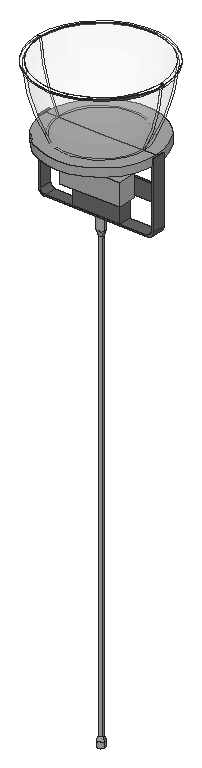
Revit family "UTB", category Lighting Fixtures, host Face, Revit 2012
Parameters (values of type "UTB-4K-SB16-MO-P95")
  Wattage Comments = "255 W/ 167 W"  # constant formula
  Wattage = 255 W
  Watt = 255 W
  built-in parameter 1150110 = 1 (stored number, unit not read)
  Voltage [instance] = 120 V
  URL = "http://www.hubbellindustrial.com/"
  built-in parameter 1114217 = 1 (stored number, unit not read)
  Tilt Angle = -90.00°
  built-in parameter 1150109 = 1 (stored number, unit not read)
  built-in parameter 1150134 = 12
  built-in parameter 1150113 = 1 (stored number, unit not read)
  Reflector Finish = Glass - Hubbell - White
  Product Page URL = "http://www.hubbellindustrial.com/products/utb"
  Product Material = Paint - Hubbell - Aluminium Grey
  Product Documentation Link = "http://www.hubbellindustrial.com/content/products/specs/specs_files/hil_0168_utb_s_16.pdf"
  Photometric Web Link = "http://www.hubbellindustrial.com/products/utb/"
  Photometric Web File = "UTB-4K-SB16-MO-P95.IES"
  Photometric Notes = "Download Photometric web link"  # constant formula
  Pendant Length [instance] = 60.000"
  Model = "UTB"  # constant formula
  Manufacturer Phone = "864-678-1000"  # constant formula
  Manufacturer Fax = "866-898-0131"  # constant formula
  Manufacturer = "Hubbell Industrial Lighting"  # constant formula
  built-in parameter 1150105 = 3014.3 (stored number, unit not read)
  Lumens = 37878.2 lm
  built-in parameter 1150115 = 1 (stored number, unit not read)
  Load Classification = Lighting
  built-in parameter 1150137 = (empty or 0)
  built-in parameter 1150139 = (empty or 0)
  built-in parameter 1150112 = 1 (stored number, unit not read)
  built-in parameter 1150114 = 1 (stored number, unit not read)
  Lamp = "LED"
  built-in parameter 1150132 = (empty or 0)
  built-in parameter 1150102 = (empty or 0)
  built-in parameter 1150107 = 4000 (stored number, unit not read)
  built-in parameter 1150138 = (empty or 0)
  built-in parameter 1150106 = 30.143 (stored number, unit not read)
  built-in parameter 1150129 = 12.000"  # constant formula
  Emit Shape Visible in Rendering = no
  built-in parameter 1150104 = 13.8 (stored number, unit not read)
  Dimming Lamp Color Temperature Shift = <None>
  Description = "Utilibay™ LED Highbay"  # constant formula
  Default Elevation = 48.000"
  Connector Description = "Lighting Connector"  # constant formula
  Color Filter = 16777215
  Bracket material = Paint - Hubbell -  Black
  Emit from Circle Diameter = 12.000"
  built-in parameter 1150133 = 10 (stored number, unit not read)
  Apparent Load = 25 VA
Types (9): name | Photometric Web File
  (no name) | "UTB-4K-SB16-MO-P95.IES"
  UTB-4K-SB16-HO-CDL | "UTB-4K-SB16-HO-CDL.IES"
  UTB-4K-SB16-HO-DLR | "UTB-4K-SB16-HO-DLR.IES"
  UTB-4K-SB16-HO-N | "UTB-4K-SB16-HO-N.IES"
  UTB-4K-SB16-HO-P95 | "UTB-4K-SB16-MO-CDL.IES"
  UTB-4K-SB16-MO-CDL | "UTB-4K-SB16-MO-CDL.IES"
  UTB-4K-SB16-MO-DLR | "UTB-4K-SB16-MO-DLR.IES"
  UTB-4K-SB16-MO-N | "UTB-4K-SB16-MO-N.IES"
  UTB-4K-SB16-MO-P95 | "UTB-4K-SB16-MO-P95.IES"
Reference planes (in)
  plane 1 "Center (Front/Back)": y = 0
  plane 2: z = 0
  plane 3 "Center (Left/Right)": x = 0
  plane 4: z = 60
  plane 5: z = 58.25
  plane 6: z = 72
Forms (in)
  Revolve 1, solid, material "Paint - Hubbell - Aluminium Grey" <- "Product Material"
    sketch origin (0, 0, 0) x (1, 0, 0) y (0, 0, 1)
      loop
        line (0, 0) -> (0.45003, 0) -> (0.45003, 0.70043) -> (0.25, 1.25) -> (0.25, 57.56699) -> (0.5, 58.25) -> (0.5, 60) -> (0, 60) -> (0, 0)
      axis (0, 0) -> (0, 60)
    angle from 0 to 360
Dimensions and locks (in)
  "Pendant Length": plane 4 to host face
  plane 4 to plane 5 = 1.750"
  locked: Revolve 1 sketch curve to Revolve 1 sketch curve at 0.25
  locked: plane 6 to plane 4 at 12
  aligned and locked: host face to plane 2
  aligned and locked: level to host face
  aligned and locked: Revolve 1 sketch curve to plane 3 "Center (Left/Right)"
  aligned and locked: Revolve 1 sketch curve to host face
  aligned and locked: plane 3 "Center (Left/Right)" to Revolve 1 sketch curve
  aligned and locked: plane 4 to Revolve 1
  aligned and locked: plane 3 "Center (Left/Right)" to nested 1
  aligned and locked: plane 1 "Center (Front/Back)" to nested 1
  aligned and locked: plane 6 to imposter light
  aligned and locked: plane 3 "Center (Left/Right)" to imposter light
  aligned and locked: imposter light to plane 1 "Center (Front/Back)"
Automatic sketch dimensions
  host sketch curve to host sketch curve = 96.000"  (x2)
  Revolve 1 sketch curve to plane 4 = 0.000"
  Revolve 1 sketch curve to plane 5 = 0.000"
  plane 3 "Center (Left/Right)" to Revolve 1 sketch curve = 0.45003"
  plane 3 "Center (Left/Right)" to Revolve 1 sketch curve = 0.500"
  Revolve 1 sketch curve to level = 4.500"
  Revolve 1 sketch curve to Revolve 1 sketch curve = 14.000"
  Revolve 1 sketch curve to Revolve 1 sketch curve = 0.70043"
  Revolve 1 sketch curve to Revolve 1 sketch curve = 0.54957"
  Revolve 1 sketch curve to plane 5 = 0.68301"
Nested families (in)
  nested 1: "UTB Retrofit" at (0, 0, 60), type "UTB"
    with Width 4.500", Length 17.000", Height 3.000"
Connectors (in)
  electrical at (0, 0, 60), driven by "Voltage", driven by "Apparent Load", driven by "Load Classification"
    settings: on Revolve 1, index 1, voltage 120 V, apparent load 25 VA, apparent load phase1 0 VA, apparent load phase2 0 VA, apparent load phase3 0 VA, power factor 1, load classification "Lighting", number of poles 1, system type 30, power factor state 1, is connector primary yes, connector utility no, sub classification motor no, connector description "Lighting Connector"
Definition of nested family "UTB Retrofit"
  Parameters (values of type "UTB")
    Width [instance] = 4.500"
    Wattage Comments = ""
    Voltage = 0 V
    URL = ""
    Reflector Finish = Glass - Hubbell - White
    Product Page URL = ""
    Product Material = none
    Product Documentation Link = ""
    Bracket Material = none
    Model = ""
    Manufacturer Phone = ""
    Manufacturer Fax = ""
    Manufacturer = ""
    Load Classification = Lighting
    Length [instance] = 17.000"
    Lamp = ""
    Height [instance] = 3.000"
    Description = ""
    Default Elevation = 48.000"
    Connector Description = ""
    Apparent Load = 25 VA
  Reference planes (in)
    plane 1 "Center (Front/Back)": y = 0
    plane 2: z = 0
    plane 3 "Center (Left/Right)": x = 0
    plane 4: x = -8.5
    plane 5: x = 8.5
    plane 6: x = -8.25
    plane 7: x = 8.25
    plane 8: y = -2.25
    plane 9: y = 2.25
    plane 10: z = 0
    plane 11: z = 9
    plane 12: x = 8
    plane 13: x = -8
    plane 14: y = -2.1
    plane 15: y = 2.1
    plane 16: z = 18
    plane 17: z = 6
    plane 18: x = -7.5
    plane 19: x = 7.5
    plane 20: z = 17.25
  Forms (in)
    Extrusion 1, solid
      sketch origin (0, 0, 0) x (1, 0, 0) y (0, 1, 0)
        loop
          line (-48, 48) -> (-48, -48) -> (48, -48) -> (48, 48) -> (-48, 48)
      from 0 to -2.25
    Revolve 2, solid, material <- "Product Material"
      sketch origin (0, 0, 0) x (1, 0, 0) y (0, 0, 1)
        loop
          line (-2.5, 6) -> (0, 6) -> (0, 9) -> (-7, 9) -> (-7, 8) -> (-2.5, 8) -> (-2.5, 6)
        axis (0, 6) -> (0, 9)
      angle from 0 to 360
    Revolve 3, solid, material "Glass - Hubbell - White" <- "Reflector Finish"
      sketch origin (0, 0, 0) x (1, 0, 0) y (0, 0, 1)
        loop
          line (-8, 17.25) -> (-8, 17) -> (-7.75, 17)
          arc (-7.75, 17) -> (-7.02515, 12.87896) -> (-5.45604, 9) r 19.93496
          line (-5.45604, 9) -> (-5.17225, 9)
          arc (-5.17225, 9) -> (-6.79852, 12.99585) -> (-7.51529, 17.25) r 19.68496
          line (-7.51529, 17.25) -> (-8, 17.25)
        axis (0, 17.25) -> (0, 9)
      angle from 0 to 360
    Extrusion 4, solid, material <- "Bracket Material"
      sketch origin (0, 0, 0) x (1, 0, 0) y (0, 0, 1)
        loop
          line (-7, 0.8134) -> (-7, 9) -> (-7.25, 9) -> (-7.25, 0.75)
          arc (-7.25, 0.75) -> (-7.03033, 0.21967) -> (-6.5, 0) r 0.75
          line (-6.5, 0) -> (6.5, 0)
          arc (6.5, 0) -> (7.03033, 0.21967) -> (7.25, 0.75) r 0.75
          line (7.25, 0.75) -> (7.25, 9) -> (7, 9) -> (7, 0.813)
          arc (7, 0.813) -> (6.82046, 0.37954) -> (6.387, 0.2) r 0.613
          line (6.387, 0.2) -> (-6.3866, 0.2)
          arc (-6.3866, 0.2) -> (-6.82034, 0.37966) -> (-7, 0.8134) r 0.6134
      from -0.75 to 0.75
    Extrusion 5, solid, material <- "Bracket Material"
      sketch origin (0, 0.75, 0) x (-1, 0, 0) y (0, 0, 1)
        loop
          line (-7, 5.21487) -> (-7, 3.21487) -> (7, 3.21487) -> (7, 5.21487) -> (-7, 5.21487)
      from 0 to -0.25
    Extrusion 6, solid, material <- "Bracket Material"
      sketch origin (0, 0, 0) x (1, 0, 0) y (0, 0, 1)
        loop
          line (-3, 2.2) -> (-3, 0.2) -> (3, 0.2) -> (3, 2.2) -> (-3, 2.2)
      from -0.75 to 0.75
    Extrusion 7, solid, material <- "Product Material"
      sketch origin (0, 0.5, 0) x (1, 0, 0) y (0, 0, 1)
        loop
          line (-3.75, 5.55872) -> (-3.75, 2.80872) -> (3.75, 2.80872) -> (3.75, 5.55872) -> (-3.75, 5.55872)
      from 0 to 2.25
  Cuts and joins
    joined: Extrusion 4, Extrusion 5
  Dimensions and locks (in)
    equal spacing: plane 4, plane 3 "Center (Left/Right)", plane 5
    "Length": plane 4 to plane 5
    locked: plane 4 to plane 6 at 0.25
    locked: plane 7 to plane 5 at 0.25
    equal spacing: plane 8, plane 1 "Center (Front/Back)", plane 9
    "Width": plane 9 to plane 8
    plane 11 to plane 10 = 9.000"
    plane 10 to plane 2 = 0.000"
    locked: plane 4 to plane 13 at 0.5
    locked: plane 12 to plane 5 at 0.5
    plane 14 to plane 8 = 0.150"
    locked: plane 9 to plane 15 at 0.15
    plane 12 to plane 13 = 16.000"
    aligned and locked: plane 2 to Extrusion 1
    aligned and locked: level to Extrusion 1
    aligned and locked: plane 11 to Revolve 2 sketch curve
    aligned and locked: plane 3 "Center (Left/Right)" to Revolve 2 sketch curve
    aligned and locked: Revolve 2 sketch curve to plane 3 "Center (Left/Right)"
    aligned and locked: Revolve 2 sketch curve to plane 17
    aligned and locked: Revolve 3 sketch curve to plane 3 "Center (Left/Right)"
    aligned and locked: Extrusion 4 sketch curve to Revolve 2
    aligned and locked: plane 10 to Extrusion 4 sketch curve
    aligned and locked: plane 11 to Extrusion 4 sketch curve  (x2)
    aligned and locked: Extrusion 5 sketch curve to Extrusion 4  (x2)
  Automatic sketch dimensions
    Extrusion 1 sketch curve to Extrusion 1 sketch curve = 96.000"  (x2)
    Revolve 2 sketch curve to plane 18 = 0.500"
    plane 17 to Revolve 2 sketch curve = 2.000"
    Revolve 2 sketch curve to plane 3 "Center (Left/Right)" = 2.500"
    Revolve 2 sketch curve to level = 3.000"
    Revolve 2 sketch curve to Revolve 2 sketch curve = 21.000"
    Revolve 3 sketch curve to Revolve 3 sketch curve = 0.000"  (x2)
    Revolve 3 sketch curve to plane 13 = 0.000"
    Revolve 3 sketch curve to plane 20 = 0.000"
    Revolve 3 sketch curve to plane 11 = 0.000"
    Revolve 3 sketch curve to level = 0.000"
    plane 13 to Revolve 3 sketch curve = 0.250"
    plane 18 to Revolve 3 sketch curve = 0.01529"
    Revolve 3 sketch curve to plane 3 "Center (Left/Right)" = 5.45604"
    Revolve 3 sketch curve to Revolve 3 sketch curve = 0.28378"
    plane 16 to Revolve 3 sketch curve = 0.37378"
    Revolve 3 sketch curve to level = 12.250"
    Extrusion 4 sketch curve to Extrusion 4 sketch curve = 0.250"  (x2)
    Extrusion 4 sketch curve to Extrusion 4 sketch curve = 0.500"
    Extrusion 4 sketch curve to Extrusion 4 sketch curve = 0.1134"
    Extrusion 4 sketch curve to plane 19 = 1.113"
    Extrusion 4 sketch curve to Extrusion 4 sketch curve = 0.113"
    Extrusion 4 sketch curve to plane 19 = 0.500"
    level to Extrusion 4 sketch curve = 0.200"
    Extrusion 4 to Extrusion 5 sketch curve = 3.01487"
    Extrusion 5 sketch curve to Extrusion 5 sketch curve = 2.000"
    plane 3 "Center (Left/Right)" to Extrusion 6 sketch curve = 3.000"
    Extrusion 6 sketch curve to plane 3 "Center (Left/Right)" = 3.000"
    level to Extrusion 6 sketch curve = 0.200"
    Extrusion 6 sketch curve to Extrusion 6 sketch curve = 2.000"
    Extrusion 5 to Extrusion 7 sketch curve = 0.40615"
    Extrusion 7 sketch curve to Extrusion 5 = 3.250"  (x2)
    Extrusion 5 to Extrusion 7 sketch curve = 0.34385"
